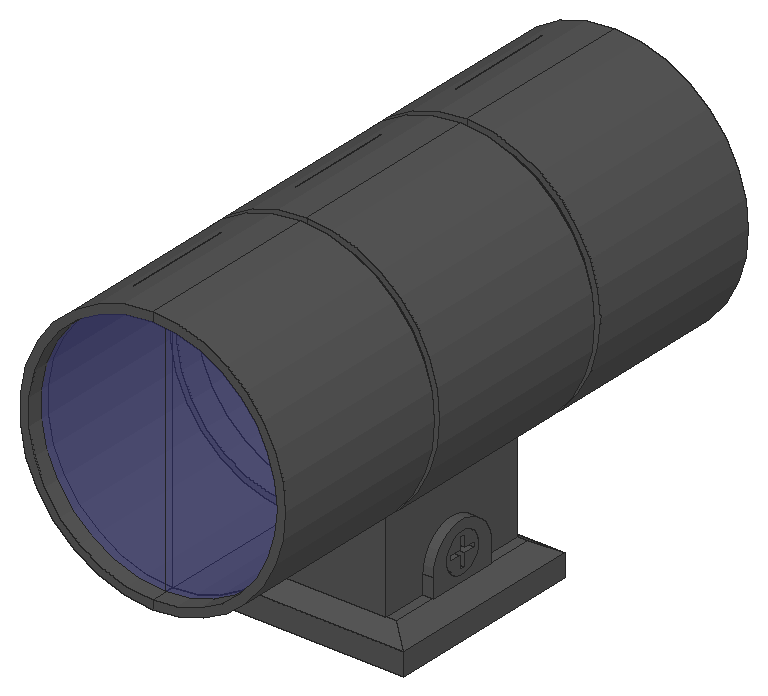
Revit family "CARLO CYLINDER LIGHT WALL MOUNT", category Lighting Fixtures, host Face, Revit 2020 (continued)
Types (10): name | Wattage_Input | Wattage Comments | Wattage | Photometric Web File | built-in parameter 1150142 | Model | built-in parameter 1150105 | Lumens | Light Length 1 | LIGHT RADIUS | LIGHT PLACEMENT | LIGHT LENGTH | LIGHT DIA | built-in parameter 1150106 | FIXED END HEIGHT | Curve base Height | Base Curve | BEAMING ANGLE | Apparent Load
    756 14.253 14.801 15.4 16.041 16.754 17.556 18.463 19.478 \r\n 20.646 21.999 23.578 25.388 27.557 30.175 33.358 37.034 41.857 47.103 \r\n 56.833 77.137 101.22 122.57 146.4 177.2 210.61 243.35 276.62 310.9 \r\n 345.03 378 409.83 440.72 469.05 493.25 513.35 527.68 539.77 552.98 \r\n 566.09 578.9 591.71 604.76 617.98 631.41 644.93 658.33 671.9 685.86 \r\n 700.24 715.09 730.53 746.59 763.65 781.86 801.95 825.21 850.13 875.91 \r\n 901.68 926.14 949.69 972.33 993.95 1014.4 1033.8 1051.9 1069.3 1086.3 \r\n 1102.7 1118.4 1133.2 1147.1 1160.4 1173.8 1186.8 1199.4 1211.3 1222.2 \r\n 1232.5 1242.6 1252.6 1262.3 1272.2 1283.1 1294 1304.1 1313.6 1322 \r\n 1329.9 1337.8 1345 1351.3 1356.7 1361.3 1365.2 1368.2 1370.6 1372.4 \r\n 1374 1376.3 1379.1 1382.9 1386.9 1391.1 1394.7 1396.9 1398.4 1399.5 \r\n 1412.7 \r\n1391.1 1391.3 1390.4 1389 1387.1 1384.4 1381.5 1378.8 1376.3 1373.8 \r\n 1371.3 1369 1367 1365.9 1364.4 1361 1356.9 1352.5 1347.4 1341 \r\n 1333.9 1327.2 1319.7 1310.7 1301 1291 1281.1 1271.5 1262.1 1252.7 \r\n 1243.3 1234 1224.2 1213.2 1201.4 1189.3 1176.7 1163.4 1149.9 1136.6 \r\n 1122.7 1107.5 1091.5 1075.2 1058.2 1040.6 1022 1001.8 980.55 958.57 \r\n 935.37 910.19 884.23 858.52 832.81 806.46 781.61 760.65 742.11 725.62 \r\n 710.22 694.64 679.45 664.93 650.76 636.72 622.84 609.1 595.45 581.72 \r\n 568.3 555.8 543.47 530.7 517.59 504.95 490.04 469.95 446.05 418.18 \r\n 388.02 357.45 325.74 292.49 258.64 224.53 191.61 161.81 133.99 106.75 \r\n 82.802 64.628 51.488 44.541 40.576 36.481 33.122 30.41 28.096 25.844 \r\n 23.82 22.076 20.616 19.513 18.622 17.824 17.112 16.43 15.798 15.221 \r\n 14.688 14.193 13.733 13.306 12.912 12.552 12.226 11.942 11.682 11.427 \r\n 11.186 10.959 10.748 10.559 10.377 10.187 9.9925 9.7979 9.5905 9.3548 \r\n 9.1047 8.8506 8.5874 8.3086 8.0279 7.7609 7.4945 7.2189 6.9398 6.6553 \r\n 6.3784 6.1292 5.8843 5.6197 5.3565 5.1122 4.8731 4.6289 4.3864 4.1492 \r\n 3.9177 3.6947 3.4772 3.2604 3.0518 2.8638 2.6774 2.4695 2.2651 2.087 \r\n 1.9186 1.748 1.5845 1.435 1.2943 1.1612 1.0311 0.89443 0.76483 0.65667 \r\n 0.5581 0.45928 0.36857 0.29312 0.22679 0.16517 0.11029 0.060465 0.022407 0.0057108 \r\n 0 0 0.00038054 0.015959 0.042868 0.084349 0.13389 0.18437 0.24082 0.3065 \r\n 0.37953 0.45783 0.54528 0.646 0.75711 0.87812 1.006 1.139 1.2728 1.3957 \r\n 1.531 1.7102 1.8975 2.0569 2.2207 2.4179 2.6236 2.8178 3.0149 3.2247 \r\n 3.4414 3.6622 3.8874 4.1144 4.3494 4.6045 4.8598 5.0905 5.3229 5.5832 \r\n 5.8463 6.0889 6.3329 6.5971 6.8681 7.1445 7.4088 7.6311 7.8478 8.1002 \r\n 8.3443 8.5381 8.7176 8.9126 9.0989 9.2547 9.4022 9.555 9.7173 9.9017 \r\n 10.097 10.288 10.499 10.757 11.043 11.346 11.674 12.04 12.427 12.816 \r\n 13.227 13.673 14.159 14.7 15.288 15.913 16.606 17.393 18.274 19.235 \r\n 20.341 21.639 23.168 24.965 27.087 29.533 32.518 36.181 40.756 45.023 \r\n 53.484 72.435 95.261 115.74 138.99 169.51 202.83 235.59 268.91 303.14 \r\n 337.22 370.19 402.19 433.56 462.71 488.34 509.83 524.8 537.16 550.33 \r\n 563.29 576.08 588.88 601.87 615 628.3 641.68 654.98 668.48 682.42 \r\n 696.78 711.59 726.92 742.7 759.36 777.06 796.6 819.29 843.85 869.82 \r\n 895.97 920.81 944.74 967.7 989.58 1010.2 1029.8 1048.2 1065.8 1083 \r\n 1099.5 1115.3 1130.3 1144.3 1157.7 1171.2 1184.3 1196.9 1209 1220.1 \r\n 1230.7 1240.8 1250.7 1260.3 1270.2 1281.1 1292.1 1302.4 1312 1320.6 \r\n 1328.6 1336.5 1343.8 1350.2 1355.9 1360.8 1364.9 1368.2 1370.7 1372.4 \r\n 1374 1376.1 1378.8 1382.5 1386.7 1391 1394.8 1397.2 1398.7 1400 \r\n 1412.7 \r\n1391.1 1390.4 1389.3 1387.7 1385.6 1382.7 1379.6 1377 1374.5 1372.1 \r\n 1369.8 1367.7 1365.8 1364.2 1362.2 1358.5 1353.9 1349.2 1343.7 1337.1 \r\n 1330 1323 1315.4 1306.2 1296.3 1286.1 1276 1266.6 1257.4 1248.2 \r\n 1238.9 1229.3 1219.1 1207.7 1195.6 1183.3 1170.7 1157.3 1143.7 1130 \r\n 1115.8 1100.3 1084.1 1067.6 1050.5 1032.5 1013.5 992.78 970.94 948.55 \r\n 925.02 899.55 873.34 847.24 821.52 796.3 772.85 752.88 735.05 718.8 \r\n 703.5 688.26 673.37 658.81 644.58 630.7 616.99 603.27 589.62 575.97 \r\n 562.6 549.93 537.49 525.15 512.21 498.62 482.34 460.77 435.53 406.9 \r\n 376.23 345.16 313.17 280.06 246.51 212.48 179.97 151.79 125.58 98.425 \r\n 74.712 58.648 47.816 42.067 38.814 35.072 31.88 29.407 27.283 25.1 \r\n 23.13 21.536 20.226 19.191 18.338 17.568 16.875 16.214 15.601 15.038 \r\n 14.519 14.043 13.603 13.192 12.814 12.471 12.16 11.884 11.631 11.387 \r\n 11.155 10.932 10.72 10.525 10.336 10.146 9.9487 9.7346 9.5079 9.2689 \r\n 9.019 8.7593 8.4903 8.2084 7.9267 7.6628 7.3997 7.1224 6.8427 6.5667 \r\n 6.2969 6.0411 5.7902 5.5351 5.2833 5.0414 4.8018 4.5552 4.3118 4.0814 \r\n 3.8561 3.6287 3.4069 3.1976 2.9962 2.8022 2.6101 2.4111 2.2155 2.0317 \r\n 1.8562 1.6866 1.5271 1.3841 1.2487 1.1131 0.98037 0.84916 0.72612 0.61979 \r\n 0.52313 0.43052 0.34624 0.27382 0.20987 0.15221 0.10072 0.051239 0.013685 0.0014028 \r\n 0 0 0.0003022 0.010031 0.030784 0.070368 0.11928 0.16893 0.22437 0.28778 \r\n 0.35921 0.43899 0.5284 0.6298 0.74026 0.85736 0.98197 1.1172 1.2539 1.3754 \r\n 1.5089 1.6894 1.8772 2.0309 2.1903 2.3933 2.6045 2.7936 2.9837 3.1896 \r\n 3.4053 3.6315 3.8621 4.0871 4.3191 4.5748 4.8312 5.0617 5.2932 5.5511 \r\n 5.8138 6.0632 6.3137 6.576 6.8442 7.1235 7.3923 7.6178 7.8376 8.0935 \r\n 8.3396 8.5305 8.7072 8.9056 9.0966 9.2558 9.4055 9.5574 9.7182 9.9027 \r\n 10.098 10.287 10.495 10.748 11.028 11.319 11.637 11.997 12.381 12.769 \r\n 13.178 13.619 14.099 14.633 15.214 15.827 16.504 17.277 18.134 19.05 \r\n 20.107 21.366 22.867 24.663 26.764 29.105 31.956 35.563 39.944 43.761 \r\n 51.333 68.295 89.369 109.92 133.66 164.05 197.18 230.01 263.38 297.36 \r\n 331.2 364.11 396.27 428.14 457.99 484.52 506.89 522.57 535.35 548.39 \r\n 561.07 573.85 586.69 599.75 612.89 625.98 639.13 652.41 665.9 679.64 \r\n 693.8 708.64 723.99 739.61 756.05 773.52 792.79 815.03 839.2 865.09 \r\n 891.38 916.62 941 964.22 986.31 1007.1 1026.9 1045.5 1063.2 1080.6 \r\n 1097.2 1113.1 1128.3 1142.5 1156.2 1169.8 1182.8 1195.4 1207.4 1218.9 \r\n 1229.8 1240 1249.8 1259.5 1269.4 1280.2 1291 1301.3 1311 1319.8 \r\n 1327.9 1335.7 1342.9 1349.5 1355.4 1360.6 1365 1368.3 1370.8 1372.4 \r\n 1374 1376.1 1378.8 1382.6 1386.9 1391.2 1395.1 1397.6 1399.3 1400.6 \r\n 1412.7 \r\n1391.1 1389.7 1388.4 1386.5 1384.1 1381.1 1377.9 1375.3 1372.9 1370.6 \r\n 1368.5 1366.6 1364.7 1362.7 1360 1355.9 1351 1345.8 1339.9 1333.2 \r\n 1325.9 1318.7 1310.9 1301.4 1291.3 1280.9 1270.6 1261.3 1252.3 1243.3 \r\n 1234.1 1224.2 1213.6 1201.7 1189.3 1176.9 1164.1 1150.8 1136.9 1123 \r\n 1108.4 1092.6 1076.2 1059.5 1042.2 1023.9 1004.5 983.27 960.89 938.08 \r\n 914.21 888.49 862.09 835.63 809.94 785.96 763.99 745.02 727.87 711.8 \r\n 696.56 681.7 667.15 652.59 638.31 624.63 611.14 597.48 583.88 570.39 \r\n 557.13 544.3 531.72 519.84 507.07 492.36 474.53 451.48 424.94 395.59 \r\n 364.46 332.85 300.54 267.57 234.35 200.47 168.45 141.83 117.22 90.487 \r\n 67.36 53.561 44.998 40.019 37.034 33.592 30.623 28.381 26.441 24.344 \r\n 22.444 21.004 19.84 18.871 18.05 17.308 16.635 15.996 15.403 14.854 \r\n 14.351 13.894 13.474 13.081 12.72 12.395 12.1 11.832 11.585 11.353 \r\n 11.131 10.912 10.7 10.499 10.302 10.11 9.9068 9.6724 9.4258 9.1827 \r\n 8.932 8.6652 8.3893 8.1049 7.8231 7.5616 7.3011 7.0226 6.7432 6.4763 \r\n 6.2139 5.9504 5.6925 5.4481 5.2088 4.9687 4.7276 4.4794 4.2359 4.0118 \r\n 3.7919 3.5598 3.3337 3.1319 2.9377 2.7374 2.5396 2.3501 2.1637 1.9743 \r\n 1.7915 1.6235 1.4684 1.3315 1.2008 1.063 0.92813 0.80248 0.68609 0.58193 \r\n 0.48752 0.40126 0.32356 0.2546 0.19343 0.13974 0.091773 0.043719 0.0074421 0 \r\n 0 0 0.0002037 0.0043111 0.019171 0.056941 0.10539 0.15481 0.2098 0.27089 \r\n 0.34062 0.4222 0.51414 0.61727 0.72788 0.84064 0.96134 1.0987 1.2387 1.3606 \r\n 1.4936 1.6739 1.8606 2.0101 2.1667 2.3744 2.5898 2.774 2.9574 3.1595 \r\n 3.3742 3.6058 3.842 4.0661 4.2957 4.5508 4.807 5.0375 5.2688 5.5243 \r\n 5.7865 6.0438 6.3019 6.5619 6.8265 7.1076 7.38 7.6104 7.8346 8.0923 \r\n 8.3387 8.5279 8.7034 8.9036 9.0976 9.2604 9.413 9.5652 9.7254 9.9102 \r\n 10.105 10.294 10.501 10.749 11.021 11.302 11.61 11.964 12.345 12.733 \r\n 13.142 13.579 14.054 14.582 15.154 15.756 16.42 17.179 18.015 18.89 \r\n 19.904 21.13 22.607 24.41 26.5 28.758 31.501 35.046 39.278 42.865 \r\n 49.77 64.758 84.097 104.96 129.4 159.51 192.25 225.12 258.53 292.21 \r\n 325.76 358.65 390.98 423.28 453.72 480.93 504.01 520.45 533.76 546.68 \r\n 559.09 571.86 584.75 597.89 611.05 623.9 636.81 650.09 663.58 677.09 \r\n 691.04 705.9 721.3 736.81 753.09 770.45 789.53 811.33 835.09 860.84 \r\n 887.18 912.8 937.61 961.08 983.36 1004.4 1024.2 1043 1061 1078.4 \r\n 1095.2 1111.2 1126.5 1141.1 1155.1 1168.6 1181.7 1194.1 1206.1 1217.9 \r\n 1229.1 1239.4 1249.2 1259 1268.9 1279.5 1290.1 1300.4 1310.2 1319.1 \r\n 1327.4 1335 1342.1 1348.9 1355.1 1360.6 1365.1 1368.4 1370.8 1372.5 \r\n 1374 1376.2 1379 1382.9 1387.1 1391.5 1395.4 1398.1 1400 1401.3 \r\n 1412.7 \r\n1391.1 1389.1 1387.5 1385.3 1382.7 1379.5 1376.3 1373.7 1371.3 1369.2 \r\n 1367.2 1365.6 1363.7 1361.1 1357.8 1353.3 1348.1 1342.4 1336.2 1329.2 \r\n 1321.8 1314.3 1306.2 1296.6 1286.3 1275.6 1265.3 1256 1247.1 1238.4 \r\n 1229.2 1219 1207.9 1195.6 1182.8 1170.3 1157.5 1144.1 1130.2 1115.8 \r\n 1100.8 1084.9 1068.3 1051.4 1033.8 1015.3 995.51 973.79 950.93 927.71 \r\n 903.49 877.52 850.94 824.21 798.64 775.92 755.43 737.4 720.88 704.95 \r\n 689.75 675.27 661.08 646.56 632.28 618.82 605.58 592.01 578.49 565.22 \r\n 552.13 539.16 526.48 515.03 502.36 486.43 466.98 442.48 414.71 384.69 \r\n 353.11 320.98 288.32 255.48 222.59 188.92 157.42 132.17 109.05 83.052 \r\n 60.851 49.317 42.863 38.328 35.303 32.117 29.401 27.366 25.593 23.592 \r\n 21.777 20.487 19.461 18.552 17.762 17.046 16.394 15.777 15.204 14.671 \r\n 14.183 13.746 13.347 12.972 12.629 12.322 12.043 11.783 11.542 11.322 \r\n 11.111 10.895 10.682 10.475 10.272 10.075 9.8648 9.611 9.3456 9.0983 \r\n 8.8461 8.5714 8.2883 8.0025 7.7215 7.4615 7.2027 6.9241 6.6461 6.3879 \r\n 6.1322 5.8609 5.5962 5.3624 5.1354 4.8963 4.6533 4.4045 4.1616 3.9427 \r\n 3.7269 3.4904 3.2605 3.0659 2.8785 2.6721 2.4688 2.2883 2.1111 1.9167 \r\n 1.7275 1.5615 1.411 1.279 1.1522 1.0129 0.87679 0.75637 0.64614 0.54434 \r\n 0.45242 0.3722 0.30078 0.23551 0.17738 0.12734 0.082788 0.037328 0.0032818 0 \r\n 0 0 0.000098 0 0.0086891 0.044915 0.093098 0.14256 0.19734 0.25627 \r\n 0.32434 0.40745 0.50177 0.60716 0.71846 0.82674 0.94327 1.0826 1.226 1.3499 \r\n 1.4834 1.6617 1.8458 1.9933 2.149 2.3595 2.577 2.7571 2.9354 3.134 \r\n 3.3476 3.5842 3.8257 4.0495 4.2771 4.5306 4.7855 5.0166 5.2484 5.5016 \r\n 5.7633 6.0285 6.2943 6.552 6.8129 7.0949 7.3702 7.6065 7.836 8.0945 \r\n 8.3405 8.5304 8.7068 8.9075 9.1028 9.2697 9.4262 9.5797 9.7402 9.9252 \r\n 10.12 10.309 10.514 10.757 11.021 11.293 11.592 11.941 12.318 12.706 \r\n 13.117 13.55 14.019 14.54 15.104 15.697 16.349 17.094 17.911 18.751 \r\n 19.728 20.925 22.382 24.192 26.276 28.468 31.121 34.595 38.707 42.213 \r\n 48.652 61.896 79.698 100.99 126.11 155.71 187.79 220.6 254.04 287.41 \r\n 320.68 353.6 386.13 418.79 449.7 477.42 501.1 518.34 532.29 545.15 \r\n 557.33 570.09 583.02 596.23 609.39 622.01 634.68 647.96 661.45 674.74 \r\n 688.47 703.34 718.77 734.2 750.38 767.68 786.63 808.02 831.36 856.92 \r\n 883.27 909.2 934.41 958.11 980.58 1001.7 1021.8 1040.7 1058.8 1076.5 \r\n 1093.4 1109.5 1124.9 1139.8 1154 1167.7 1180.8 1193.1 1205 1217 \r\n 1228.6 1238.9 1248.8 1258.7 1268.6 1279 1289.3 1299.6 1309.4 1318.6 \r\n 1327 1334.5 1341.4 1348.4 1354.9 1360.5 1365.2 1368.6 1371 1372.6 \r\n 1374.2 1376.4 1379.3 1383.2 1387.5 1391.8 1395.8 1398.6 1400.7 1402.1 \r\n 1412.7 \r\n1391.1 1388.6 1386.7 1384.3 1381.4 1378.1 1374.9 1372.2 1369.9 1367.9 \r\n 1366.1 1364.5 1362.6 1359.6 1355.7 1350.9 1345.3 1339.2 1332.5 1325.4 \r\n 1317.8 1310 1301.6 1291.8 1281.4 1270.7 1260.2 1251 1242.2 1233.6 \r\n 1224.4 1213.9 1202.4 1189.8 1176.7 1164.1 1151.2 1137.7 1123.7 1108.9 \r\n 1093.6 1077.5 1060.8 1043.7 1025.9 1007.1 986.94 964.85 941.6 917.98 \r\n 893.39 867.14 840.39 813.52 788.19 766.68 747.56 730.36 714.37 698.59 \r\n 683.45 669.31 655.45 641.02 626.81 613.58 600.57 587.13 573.74 560.73 \r\n 547.85 534.82 522.06 510.96 498.29 481.09 460.02 434.17 405.27 374.63 \r\n 342.63 310 277.02 244.25 211.64 178.25 147.28 123.07 101.18 76.229 \r\n 55.286 45.864 41.235 36.922 33.687 30.722 28.264 26.4 24.762 22.863 \r\n 21.146 19.994 19.091 18.237 17.475 16.784 16.153 15.558 15.005 14.489 \r\n 14.017 13.6 13.221 12.865 12.539 12.252 11.989 11.735 11.499 11.29 \r\n 11.089 10.876 10.662 10.451 10.241 10.039 9.8204 9.55 9.269 9.0176 \r\n 8.7636 8.4812 8.1913 7.9053 7.6262 7.3667 7.1087 6.8314 6.5561 6.3051 \r\n 6.0547 5.7766 5.5062 5.2818 5.0655 4.8263 4.5812 4.3333 4.0923 3.8765 \r\n 3.6628 3.4229 3.1905 3.0023 2.8206 2.6088 2.4004 2.2279 2.0589 1.8609 \r\n 1.6668 1.5034 1.3573 1.2287 1.1043 0.96478 0.82879 0.71282 0.60769 0.5083 \r\n 0.41895 0.34402 0.27811 0.21659 0.16161 0.11461 0.073124 0.031487 0.00081006 0 \r\n 0 0 0 0 0 0.035135 0.083269 0.13273 0.18725 0.24437 \r\n 0.31094 0.39474 0.49056 0.59821 0.71047 0.81445 0.92691 1.068 1.2146 1.3407 \r\n 1.4754 1.6506 1.8309 1.979 2.1361 2.3468 2.5635 2.7414 2.9169 3.1127 \r\n 3.3251 3.5659 3.8118 4.0354 4.2611 4.5123 4.7654 4.9975 5.2307 5.4819 \r\n 5.743 6.0153 6.2877 6.5433 6.801 7.0834 7.3614 7.6038 7.8392 8.098 \r\n 8.3438 8.5377 8.7179 8.9181 9.1133 9.2849 9.4467 9.6021 9.7634 9.9487 \r\n 10.143 10.333 10.536 10.772 11.028 11.292 11.584 11.926 12.299 12.689 \r\n 13.1 13.53 13.993 14.506 15.061 15.644 16.286 17.018 17.817 18.628 \r\n 19.573 20.743 22.179 23.996 26.075 28.212 30.786 34.174 38.18 41.684 \r\n 47.837 59.782 76.427 98.105 123.69 152.43 183.52 216.16 249.59 282.68 \r\n 315.74 348.78 381.57 414.51 445.76 473.86 498.04 516.14 530.82 543.72 \r\n 555.74 568.52 581.48 594.71 607.83 620.24 632.71 645.97 659.46 672.56 \r\n 686.1 700.93 716.36 731.72 747.81 765.08 783.92 804.88 827.8 853.18 \r\n 879.53 905.69 931.21 955.15 977.81 999.15 1019.3 1038.5 1056.8 1074.6 \r\n 1091.7 1107.9 1123.4 1138.5 1153 1166.8 1179.8 1192 1203.9 1216.1 \r\n 1228 1238.5 1248.4 1258.4 1268.4 1278.5 1288.6 1298.8 1308.7 1318.1 \r\n 1326.7 1334 1340.9 1348 1354.7 1360.5 1365.4 1368.7 1371.2 1372.8 \r\n 1374.4 1376.8 1379.7 1383.6 1387.8 1392.1 1396.1 1399.2 1401.5 1402.9 \r\n 1412.7 \r\n1391.1 1386.9 1384.8 1382.3 1379.3 1375.8 1372.4 1369.9 1367.8 1365.9 \r\n 1364.1 1362.4 1360.2 1356.9 1352.7 1347.6 1341.7 1335.2 1328.3 1321 \r\n 1313.3 1305.2 1296.6 1286.9 1276.7 1266.3 1256.2 1247 1238.1 1229.4 \r\n 1220.1 1209.4 1197.7 1185.1 1172.1 1159.3 1146.2 1132.7 1118.7 1103.7 \r\n 1088.1 1072 1055.3 1038.1 1020 1000.9 980.6 958.53 935.25 911.22 \r\n 886.11 859.24 832.12 805.63 781.01 760.28 741.87 725.01 709.26 693.83 \r\n 678.99 664.94 651.17 637.05 623.15 610.04 597.13 583.88 570.73 558.04 \r\n 545.48 532.74 520.15 509.11 496.13 477.77 455.34 428.5 398.8 367.54 \r\n 335.1 302.2 269.08 236.16 203.54 170.59 140.03 115.44 93.544 70.373 \r\n 51.504 43.277 39.434 35.514 32.473 29.737 27.439 25.61 23.985 22.188 \r\n 20.587 19.528 18.702 17.895 17.164 16.502 15.895 15.321 14.788 14.294 \r\n 13.846 13.454 13.099 12.758 12.446 12.177 11.929 11.68 11.446 11.244 \r\n 11.048 10.834 10.617 10.407 10.196 9.9848 9.7566 9.4827 9.2002 8.9476 \r\n 8.6922 8.4063 8.1142 7.8324 7.5577 7.296 7.0366 6.7663 6.4982 6.2468 \r\n 5.9944 5.7172 5.4481 5.2247 5.0086 4.7667 4.5202 4.2792 4.0441 3.8229 \r\n 3.6028 3.3646 3.136 2.9515 2.7719 2.5566 2.3448 2.1743 2.0087 1.8126 \r\n 1.6209 1.4624 1.32 1.1884 1.0612 0.92619 0.79572 0.68088 0.57608 0.47835 \r\n 0.39096 0.31787 0.25414 0.19593 0.14394 0.09705 0.056834 0.022973 0 0 \r\n 0 0 0 0 0 0.035227 0.082907 0.13024 0.18252 0.23932 \r\n 0.30495 0.38404 0.47519 0.58205 0.69403 0.79513 0.90524 1.0486 1.198 1.3248 \r\n 1.4577 1.6244 1.7992 1.9574 2.1235 2.3229 2.5278 2.7118 2.896 3.0913 \r\n 3.3016 3.5431 3.7894 4.0106 4.2331 4.4804 4.7315 4.9678 5.2057 5.4575 \r\n 5.7179 5.9892 6.2607 6.5166 6.7755 7.0608 7.3426 7.5894 7.8296 8.0919 \r\n 8.3439 8.5542 8.7488 8.9464 9.1375 9.3179 9.4897 9.6484 9.81 9.9942 \r\n 10.186 10.37 10.565 10.789 11.034 11.296 11.586 11.922 12.289 12.677 \r\n 13.087 13.507 13.958 14.456 14.996 15.572 16.205 16.919 17.696 18.49 \r\n 19.414 20.546 21.943 23.738 25.783 27.849 30.316 33.542 37.369 40.586 \r\n 46.712 59.629 77.05 98.229 122.43 148.44 176.91 208.74 242.04 275.04 \r\n 308.28 341.92 375.32 408.34 439.67 468.21 493.1 512.39 528.22 541.66 \r\n 553.93 566.82 579.72 592.69 605.53 617.89 630.33 643.48 656.86 670.03 \r\n 683.59 698
